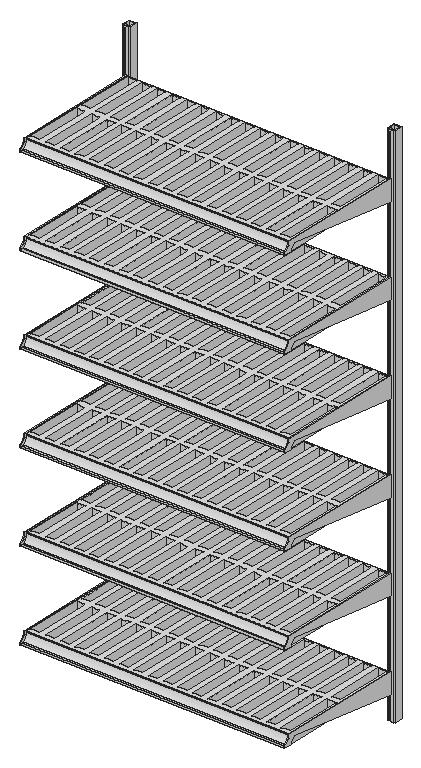
Revit family "Galv Shelf Unit", category Specialty Equipment, Revit 2016
Family settings
  Part Type = Normal
  Round Connector Dimension = Use Diameter
  Work Plane-Based = No
  Always vertical = Yes
  Cut with Voids When Loaded = No
  Shared = No
  Room Calculation Point = No
Parameters
  Unit Width [instance] = if(Three Foot, 3' 0", 4' 0")  # 3' - 0"
  Unit Height [instance] = 6' - 0"
  Starter [instance] = yes
  Shelf 6 Height [instance] = 6' - 0"
  Shelf 6 [instance] = yes
  Shelf 5 [instance] = yes
  Shelf 5 Height [instance] = 5' - 0"
  Shelf 4 Height [instance] = 4' - 0"
  Shelf 4 [instance] = yes
  Shelf 3 Height [instance] = 3' - 0"
  Shelf 3 [instance] = yes
  Shelf 2 Height [instance] = 2' - 0"
  Shelf 2 [instance] = yes
  Shelf 1 Height [instance] = 1' - 0"
  Shelf 1 [instance] = yes
  Four Foot [instance] = not(Three Foot)  # no
  Three Foot [instance] = yes
Reference planes (in)
  plane 1 "Center (Front/Back)": y = 0
  plane 2: z = 0
  plane 3 "Center (Left/Right)": x = 0
  plane 4: y = -1.125
  plane 5: x = 36
  plane 6: z = 12
  plane 7: z = 24
  plane 8: z = 36
  plane 9: z = 48
  plane 10: z = 60
  plane 11: z = 72
  plane 12: z = 81
Dimensions and locks (in)
  "Unit Width": plane 3 "Center (Left/Right)" to plane 5
  locked: plane 1 "Center (Front/Back)" to plane 4 at 1.125
  "Shelf 6 Height": plane 11 to plane 2
  "Shelf 5 Height": plane 10 to plane 2
  "Shelf 4 Height": plane 9 to plane 2
  "Shelf 3 Height": plane 8 to plane 2
  "Shelf 2 Height": plane 7 to plane 2
  "Shelf 1 Height": plane 6 to plane 2
  aligned and locked: level to plane 2
  aligned and locked: nested 1 to plane 4
  aligned and locked: plane 3 "Center (Left/Right)" to nested 1
  aligned and locked: nested 2 to plane 4
  aligned and locked: plane 5 to nested 2
  aligned and locked: nested 3 to plane 3 "Center (Left/Right)"
  aligned and locked: plane 4 to nested 3
  aligned and locked: nested 3 to plane 6
  aligned and locked: plane 3 "Center (Left/Right)" to nested 8
  aligned and locked: plane 3 "Center (Left/Right)" to nested 7
  aligned and locked: plane 3 "Center (Left/Right)" to nested 4
  aligned and locked: plane 3 "Center (Left/Right)" to nested 5
  aligned and locked: nested 6 to plane 3 "Center (Left/Right)"
  aligned and locked: nested 7 to plane 3 "Center (Left/Right)"
  aligned and locked: nested 8 to plane 3 "Center (Left/Right)"
  aligned and locked: nested 8 to plane 11
  aligned and locked: nested 7 to plane 10
  aligned and locked: nested 6 to plane 9
  aligned and locked: nested 5 to plane 8
  aligned and locked: nested 4 to plane 7
Nested families (in)
  nested 1: "Galv Half Upright" at (0, -1.125, 0), Unit Height <- "Unit Height", visible <- "Starter", type "Galv Half Upright"
    with Unit Height 6' - 0"
  nested 2: "Galv Half Upright" at (36, -1.125, 0), Unit Height <- "Unit Height", type "Galv Half Upright"
    with Unit Height 6' - 0"
  nested 3: "Shelf" at (36, -1.125, 12) x (-1, 0, 0) z (0, 0, 1), Unit Width <- "Unit Width", visible <- "Shelf 1", type "Shelf"
    with Unit Width 3' - 0"
  nested 4: "Shelf" at (36, -1.125, 24) x (-1, 0, 0) z (0, 0, 1), Unit Width <- "Unit Width", visible <- "Shelf 2", type "Shelf"
    with Unit Width 3' - 0"
  nested 5: "Shelf" at (36, -1.125, 36) x (-1, 0, 0) z (0, 0, 1), Unit Width <- "Unit Width", visible <- "Shelf 3", type "Shelf"
    with Unit Width 3' - 0"
  nested 6: "Shelf" at (36, -1.125, 48) x (-1, 0, 0) z (0, 0, 1), Unit Width <- "Unit Width", visible <- "Shelf 4", type "Shelf"
    with Unit Width 3' - 0"
  nested 7: "Shelf" at (36, -1.125, 60) x (-1, 0, 0) z (0, 0, 1), Unit Width <- "Unit Width", visible <- "Shelf 5", type "Shelf"
    with Unit Width 3' - 0"
  nested 8: "Shelf" at (36, -1.125, 72) x (-1, 0, 0) z (0, 0, 1), Unit Width <- "Unit Width", visible <- "Shelf 6", type "Shelf"
    with Unit Width 3' - 0"
Definition of nested family "Galv Half Upright"
  Parameters (values of type "Galv Half Upright")
    Unit Height [instance] = 6' - 0"
  Reference planes (in)
    plane 1 "Center (Front/Back)": y = 0
    plane 2: z = 0
    plane 3 "Center (Left/Right)": x = 0
    plane 4: z = 6
    plane 5: z = 78
  Forms (in)
    Extrusion 1, solid
      sketch origin (0, 0, 0) x (1, 0, 0) y (0, 1, 0)
        loop
          line (-0.5, 0.125) -> (-0.375, 0.125) -> (-0.375, 0) -> (0.375, 0) -> (0.375, 0.125) -> (0.5, 0.125) -> (0.5, 1.125) -> (-0.5, 1.125) -> (-0.5, 0.125)
        loop
          line (-0.25, 0.125) -> (0.25, 0.125) -> (0.25, 0.25) -> (0.375, 0.25) -> (0.375, 1) -> (-0.375, 1) -> (-0.375, 0.25) -> (-0.25, 0.25) -> (-0.25, 0.125)
      from 6 to 78
  Dimensions and locks (in)
    "Unit Height": plane 5 to plane 4
    locked: plane 4 to plane 2 at 6
    aligned and locked: level to plane 2
    aligned and locked: plane 4 to Extrusion 1
    aligned and locked: plane 5 to Extrusion 1
  Automatic sketch dimensions
    plane 1 "Center (Front/Back)" to Extrusion 1 sketch curve = 0' - 0"
    Extrusion 1 sketch curve to plane 3 "Center (Left/Right)" = 0' - 0 1/2"
    Extrusion 1 sketch curve to Extrusion 1 sketch curve = 0' - 0 1/8"  (x8)
    plane 3 "Center (Left/Right)" to Extrusion 1 sketch curve = 0' - 0 1/4"
    plane 3 "Center (Left/Right)" to Extrusion 1 sketch curve = 0' - 0 3/8"
    Extrusion 1 sketch curve to Extrusion 1 sketch curve = 0' - 0"
    Extrusion 1 sketch curve to plane 1 "Center (Front/Back)" = 0' - 0 1/8"  (x2)
    Extrusion 1 sketch curve to Extrusion 1 sketch curve = 0' - 0 3/4"
Definition of nested family "Shelf"
  Parameters (values of type "Shelf")
    Unit Width [instance] = 3' - 0"
  Reference planes (in)
    plane 1 "Center (Front/Back)": y = 0
    plane 2: z = 0
    plane 3 "Center (Left/Right)": x = 0
    plane 4: x = 36
    plane 5: x = 0.125
    plane 6: x = 35.875
  Forms (in)
    Extrusion 1, solid
      sketch origin (17.875, 1.375, 0) x (0, 1, 0) y (0, 0, 1)
        loop
          line (-18.625, 0) -> (-18.625, -0.125) -> (-18.5, -0.125)
          arc (-18.5, -0.125) -> (-18.70533, -0.74704) -> (-19.125, -1.25) r 1.75
          line (-19.125, -1.25) -> (-19.125, -1.125) -> (-19.375, -1.125) -> (-19.375, -1.375) -> (-18.5, -1.375) -> (-1.375, -1.375) -> (-1.375, 0) -> (-18.625, 0)
      from -17.75 to 18
    Extrusion 2, void
      sketch origin (0, 1.25, 0) x (1, 0, 0) y (0, 1, 0)
        loop
          line (0.375, -1.5) -> (0.375, -9.3125) -> (1.625, -9.3125) -> (1.625, -1.5) -> (0.375, -1.5)
        loop
          line (0.375, -17.875) -> (1.625, -17.875) -> (1.625, -10.0625) -> (0.375, -10.0625) -> (0.375, -17.875)
        loop
          line (3.625, -1.5) -> (2.375, -1.5) -> (2.375, -9.3125) -> (3.625, -9.3125) -> (3.625, -1.5)
        loop
          line (3.625, -17.875) -> (3.625, -10.0625) -> (2.375, -10.0625) -> (2.375, -17.875) -> (3.625, -17.875)
        loop
          line (5.625, -1.5) -> (4.375, -1.5) -> (4.375, -9.3125) -> (5.625, -9.3125) -> (5.625, -1.5)
        loop
          line (5.625, -17.875) -> (5.625, -10.0625) -> (4.375, -10.0625) -> (4.375, -17.875) -> (5.625, -17.875)
        loop
          line (7.625, -1.5) -> (6.375, -1.5) -> (6.375, -9.3125) -> (7.625, -9.3125) -> (7.625, -1.5)
        loop
          line (7.625, -17.875) -> (7.625, -10.0625) -> (6.375, -10.0625) -> (6.375, -17.875) -> (7.625, -17.875)
        loop
          line (9.625, -1.5) -> (8.375, -1.5) -> (8.375, -9.3125) -> (9.625, -9.3125) -> (9.625, -1.5)
        loop
          line (9.625, -17.875) -> (9.625, -10.0625) -> (8.375, -10.0625) -> (8.375, -17.875) -> (9.625, -17.875)
        loop
          line (11.625, -1.5) -> (10.375, -1.5) -> (10.375, -9.3125) -> (11.625, -9.3125) -> (11.625, -1.5)
        loop
          line (11.625, -17.875) -> (11.625, -10.0625) -> (10.375, -10.0625) -> (10.375, -17.875) -> (11.625, -17.875)
        loop
          line (13.625, -1.5) -> (12.375, -1.5) -> (12.375, -9.3125) -> (13.625, -9.3125) -> (13.625, -1.5)
        loop
          line (13.625, -17.875) -> (13.625, -10.0625) -> (12.375, -10.0625) -> (12.375, -17.875) -> (13.625, -17.875)
        loop
          line (15.625, -1.5) -> (14.375, -1.5) -> (14.375, -9.3125) -> (15.625, -9.3125) -> (15.625, -1.5)
        loop
          line (15.625, -17.875) -> (15.625, -10.0625) -> (14.375, -10.0625) -> (14.375, -17.875) -> (15.625, -17.875)
        loop
          line (17.625, -1.5) -> (16.375, -1.5) -> (16.375, -9.3125) -> (17.625, -9.3125) -> (17.625, -1.5)
        loop
          line (17.625, -17.875) -> (17.625, -10.0625) -> (16.375, -10.0625) -> (16.375, -17.875) -> (17.625, -17.875)
        loop
          line (19.625, -1.5) -> (18.375, -1.5) -> (18.375, -9.3125) -> (19.625, -9.3125) -> (19.625, -1.5)
        loop
          line (19.625, -17.875) -> (19.625, -10.0625) -> (18.375, -10.0625) -> (18.375, -17.875) -> (19.625, -17.875)
        loop
          line (21.625, -1.5) -> (20.375, -1.5) -> (20.375, -9.3125) -> (21.625, -9.3125) -> (21.625, -1.5)
        loop
          line (21.625, -17.875) -> (21.625, -10.0625) -> (20.375, -10.0625) -> (20.375, -17.875) -> (21.625, -17.875)
        loop
          line (23.625, -1.5) -> (22.375, -1.5) -> (22.375, -9.3125) -> (23.625, -9.3125) -> (23.625, -1.5)
        loop
          line (23.625, -17.875) -> (23.625, -10.0625) -> (22.375, -10.0625) -> (22.375, -17.875) -> (23.625, -17.875)
        loop
          line (25.625, -1.5) -> (24.375, -1.5) -> (24.375, -9.3125) -> (25.625, -9.3125) -> (25.625, -1.5)
        loop
          line (25.625, -17.875) -> (25.625, -10.0625) -> (24.375, -10.0625) -> (24.375, -17.875) -> (25.625, -17.875)
        loop
          line (27.625, -1.5) -> (26.375, -1.5) -> (26.375, -9.3125) -> (27.625, -9.3125) -> (27.625, -1.5)
        loop
          line (27.625, -17.875) -> (27.625, -10.0625) -> (26.375, -10.0625) -> (26.375, -17.875) -> (27.625, -17.875)
        loop
          line (29.625, -1.5) -> (28.375, -1.5) -> (28.375, -9.3125) -> (29.625, -9.3125) -> (29.625, -1.5)
        loop
          line (29.625, -17.875) -> (29.625, -10.0625) -> (28.375, -10.0625) -> (28.375, -17.875) -> (29.625, -17.875)
        loop
          line (31.625, -1.5) -> (30.375, -1.5) -> (30.375, -9.3125) -> (31.625, -9.3125) -> (31.625, -1.5)
        loop
          line (31.625, -17.875) -> (31.625, -10.0625) -> (30.375, -10.0625) -> (30.375, -17.875) -> (31.625, -17.875)
        loop
          line (33.625, -1.5) -> (32.375, -1.5) -> (32.375, -9.3125) -> (33.625, -9.3125) -> (33.625, -1.5)
        loop
          line (33.625, -17.875) -> (33.625, -10.0625) -> (32.375, -10.0625) -> (32.375, -17.875) -> (33.625, -17.875)
        loop
          line (35.625, -1.5) -> (34.375, -1.5) -> (34.375, -9.3125) -> (35.625, -9.3125) -> (35.625, -1.5)
        loop
          line (35.625, -17.875) -> (35.625, -10.0625) -> (34.375, -10.0625) -> (34.375, -17.875) -> (35.625, -17.875)
        loop
          line (37.625, -1.5) -> (36.375, -1.5) -> (36.375, -9.3125) -> (37.625, -9.3125) -> (37.625, -1.5)
        loop
          line (37.625, -17.875) -> (37.625, -10.0625) -> (36.375, -10.0625) -> (36.375, -17.875) -> (37.625, -17.875)
        loop
          line (39.625, -1.5) -> (38.375, -1.5) -> (38.375, -9.3125) -> (39.625, -9.3125) -> (39.625, -1.5)
        loop
          line (39.625, -17.875) -> (39.625, -10.0625) -> (38.375, -10.0625) -> (38.375, -17.875) -> (39.625, -17.875)
        loop
          line (41.625, -1.5) -> (40.375, -1.5) -> (40.375, -9.3125) -> (41.625, -9.3125) -> (41.625, -1.5)
        loop
          line (41.625, -17.875) -> (41.625, -10.0625) -> (40.375, -10.0625) -> (40.375, -17.875) -> (41.625, -17.875)
        loop
          line (43.625, -1.5) -> (42.375, -1.5) -> (42.375, -9.3125) -> (43.625, -9.3125) -> (43.625, -1.5)
        loop
          line (43.625, -17.875) -> (43.625, -10.0625) -> (42.375, -10.0625) -> (42.375, -17.875) -> (43.625, -17.875)
        loop
          line (45.625, -1.5) -> (44.375, -1.5) -> (44.375, -9.3125) -> (45.625, -9.3125) -> (45.625, -1.5)
        loop
          line (45.625, -17.875) -> (45.625, -10.0625) -> (44.375, -10.0625) -> (44.375, -17.875) -> (45.625, -17.875)
        loop
          line (47.625, -1.5) -> (46.375, -1.5) -> (46.375, -9.3125) -> (47.625, -9.3125) -> (47.625, -1.5)
        loop
          line (47.625, -17.875) -> (47.625, -10.0625) -> (46.375, -10.0625) -> (46.375, -17.875) -> (47.625, -17.875)
      from -2 to 1
  Cuts and joins
    Extrusion 2 cuts Extrusion 1
  Dimensions and locks (in)
    locked: Extrusion 1 sketch curve to Extrusion 1 sketch curve at 0.125
    locked: Extrusion 1 sketch curve to Extrusion 1 sketch curve at 1.375
    locked: Extrusion 1 sketch curve to Extrusion 1 sketch curve at 0.25
    locked: plane 3 "Center (Left/Right)" to plane 5 at 0.125
    locked: plane 6 to plane 4 at 0.125
    "Unit Width": plane 3 "Center (Left/Right)" to plane 4
    locked: Extrusion 2 sketch curve to Extrusion 2 sketch curve at 1.25  (x48)
    locked: Extrusion 2 sketch curve to Extrusion 2 sketch curve at 0.75  (x23)
    locked: plane 3 "Center (Left/Right)" to Extrusion 2 sketch curve at 0.375
    aligned and locked: level to plane 2
    aligned and locked: plane 3 "Center (Left/Right)" to nested 1
    aligned and locked: Extrusion 1 to plane 5
    aligned and locked: plane 6 to Extrusion 1
    aligned and locked: plane 4 to nested 2
    aligned and locked: Extrusion 2 sketch curve to Extrusion 2 sketch curve  (x24)
  Automatic sketch dimensions
    Extrusion 1 sketch curve to plane 1 "Center (Front/Back)" = 0' - 0"
    Extrusion 1 sketch curve to Extrusion 1 sketch curve = 1' - 5 1/8"
    Extrusion 1 sketch curve to Extrusion 1 sketch curve = 0' - 0"
    Extrusion 1 sketch curve to Extrusion 1 sketch curve = 0' - 0 1/8"  (x2)
    Extrusion 1 sketch curve to Extrusion 1 sketch curve = 0' - 0 5/8"
    Extrusion 1 sketch curve to Extrusion 1 sketch curve = 0' - 0 1/4"
    Extrusion 1 sketch curve to Extrusion 1 sketch curve = 0' - 0.86011"
    Extrusion 1 sketch curve to level = 0' - 1 3/8"
    plane 1 "Center (Front/Back)" to Extrusion 2 sketch curve = 0' - 0 1/4"  (x24)
    Extrusion 2 sketch curve to Extrusion 2 sketch curve = 0' - 7 13/16"  (x5)
    Extrusion 2 sketch curve to Extrusion 2 sketch curve = 0' - 0"  (x43)
    Extrusion 2 sketch curve to Extrusion 2 sketch curve = 0' - 0 3/4"  (x24)
  Nested families (in)
    nested 1: "Shelf End" at (0, 0, 0), type "Shelf End"
      with Upper Shelf Front yes
    nested 2: "Shelf End" at (36, 0, 0) x (-1, 0, 0) z (0, 0, 1), type "Shelf End"
      with Upper Shelf Front yes
  Definition of nested family "Shelf End"
    Parameters (values of type "Shelf End")
      Upper Shelf Front [instance] = yes
    Reference planes (in)
      plane 1 "Center (Front/Back)": y = 0
      plane 2: z = 0
      plane 3 "Center (Left/Right)": x = 0
    Forms (in)
      Extrusion 1, solid, visible <- "Upper Shelf Front"
        sketch origin (18, 1.375, 0) x (0, 1, 0) y (0, 0, 1)
          loop
            line (-1.375, 0) -> (-18.625, 0) -> (-18.75, 0)
            arc (-18.75, 0) -> (-18.95533, -0.62204) -> (-19.375, -1.125) r 1.75
            line (-19.375, -1.125) -> (-19.375, -1.375) -> (-18.5, -1.375) -> (-18.5, -1.125) -> (-17.75, -0.5) -> (-17.5, -0.5) -> (-17.5, -0.60902) -> (-1.375, -2.75) -> (-1.375, 0)
        from -18 to -17.875
    Dimensions and locks (in)
      aligned and locked: level to plane 2
